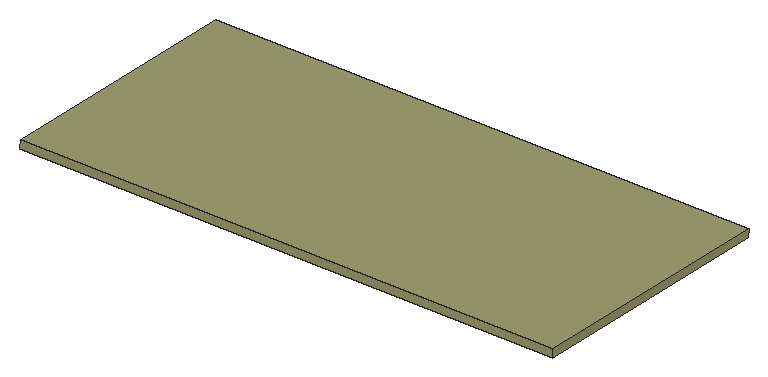
Revit family "Ecowool Partition Wall BAtts (18kgm3)", category Generic Models, host Face, Revit 2020
Family settings
  Host = Face
  Can host rebar = No
  Round Connector Dimension = Use Diameter
  Part Type = Normal
  Cut with Voids When Loaded = No
  Shared = No
  Room Calculation Point = No
Parameters (values of type "R0.7 - 25mm")
  Width [instance] = 800 mm
  URL = "www.ecowool.com.my"
  Type of Insulation = "Glass Mineral Wool Blanket"
  Thermal R value = 0.7
  Thermal K value = 0.0366
  Remarks = ""
  Material Specification = ""
  Manufacturer = "PGF Insulation Sdn. Bhd."
  Insulation Thickness = 25 mm
  Length(mm) [instance] = 1740 mm
  Finish = Partition Wall Batts
  ECOWOOL Product thickness in mm = ""
  Description = "ECOWOOL Brownie blanket and slabs are resilient, non-combustible, glass mineral wool products, supplied at roofing and walling application for residential and commercial building"
  Density = 18.00 kg/m³
  Default Elevation = 1219.2 mm
Reference planes
  plane 1 "Center (Front/Back)": y = 0
  plane 2: z = 0
  plane 3 "Center (Left/Right)": x = 0
  plane 4: x = 1740
  plane 5: y = -400
  plane 6: y = 400
Forms (mm)
  Sweep 1, solid, material "Partition Wall Batts" <- "Finish"
    path origin (0, 0, 0) x (1, 0, 0) y (0, 1, 0)
      loop
        line (0, 0) -> (1740, 0)
    profile origin (870, 0, 0) x (0, 1, 0) y (0, 0, 1)
      loop
        line (-400, 25) -> (-400, 0) -> (400, 0) -> (400, 25) -> (-400, 25)
Lines and regions (mm)
  reference lines
    curve 1: line (0, 0, 0) -> (1740, 0, 0)
Dimensions and locks
  "Width": plane 5 to plane 6
  equal spacing: plane 5, plane 1 "Center (Front/Back)", plane 6
  "Length(mm)": plane 3 "Center (Left/Right)" to plane 4
  "Insulation Thickness": host face to Sweep 1 sketch curve
  aligned and locked: plane 2 to host face
  aligned and locked: level to host face
  aligned and locked: plane 3 "Center (Left/Right)" to curve 1
  aligned and locked: plane 4 to curve 1
  aligned and locked: plane 3 "Center (Left/Right)" to Sweep 1 sketch curve
  aligned and locked: plane 4 to Sweep 1 sketch curve
  aligned and locked: level to Sweep 1 sketch curve
  aligned and locked: plane 6 to Sweep 1 sketch curve
  aligned and locked: Sweep 1 sketch curve to plane 5
Automatic sketch dimensions
  host sketch curve to host sketch curve = 1616.306 mm
  host sketch curve to host sketch curve = 2438.4 mm
  plane 1 "Center (Front/Back)" to curve 1 = 0 mm
  plane 1 "Center (Front/Back)" to Sweep 1 sketch curve = 0 mm
